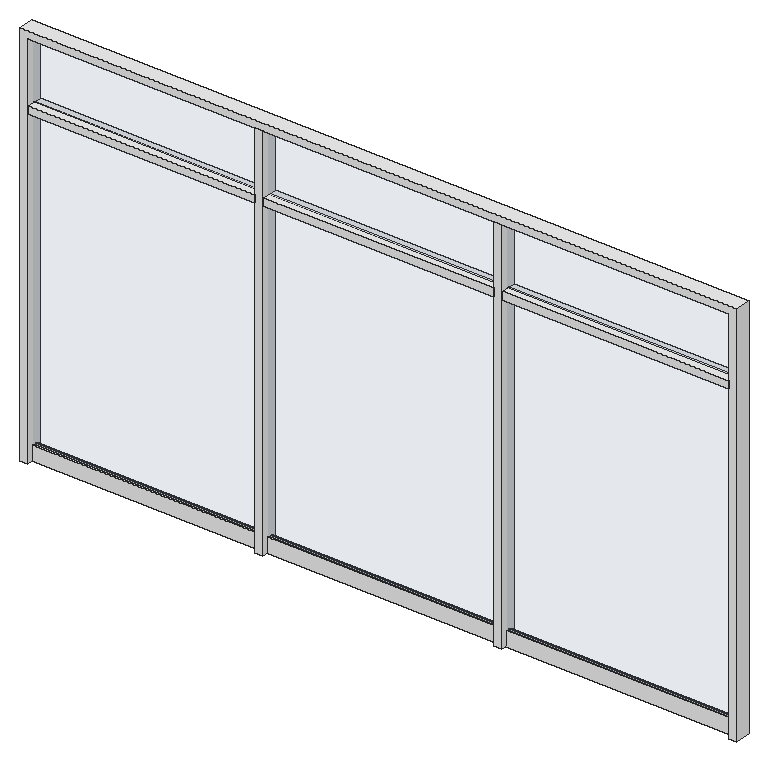
Revit family
Parameters
  프레임 투영 외부. = 25 mm
  프레임 투영 내부. = 25 mm
  프레임 폭 = 75 mm
  Height = 2600 mm
  Wall Closure = (empty or 0)
  Width = 4800 mm
  창 폭 = 1800 mm
  창 두께 = 100 mm
  창 패널 = SSW2 창 패널
  창 높이 = 2100 mm
  창 프레임 = SSW2 창 프레임
Reference planes
  plane 1: y = 0
  plane 2 "왼쪽": x = -3350
  plane 3 "오른쪽": x = 1450
  plane 4: z = 2600
  plane 5 "외부": y = 75
  plane 6 "내부": y = -75
  plane 7: x = -3300
  plane 8: x = 1400
  plane 9: y = 50
  plane 10: y = -50
  plane 11: z = 2550
  plane 12: z = 2100
  plane 13: z = 2150
  plane 14: z = 2000
  plane 15: z = 100
  plane 16: y = 6
  plane 17: y = -6
  plane 18: y = 16
  plane 19: y = -16
  plane 20: x = -950
  plane 21: x = -1015
  plane 22: x = -885
  plane 23: z = 600
  plane 24: z = 1050
  plane 25: x = -1750
  plane 26: x = -150
  plane 27: x = -1775
  plane 28: x = -1725
  plane 29: x = -125
  plane 30: x = -175
Forms (mm)
  Sweep 1, solid, material "SSW2 창 프레임" <- "창 프레임"
    path origin (0, 75, 0) x (1, 0, 0) y (0, 0, 1)
      loop
        line (1450, 0) -> (1450, 2600) -> (-3350, 2600) -> (-3350, 0)
    profile origin (1450, 75, 1300) x (-1, 0, 0) y (0, -1, 0)
      loop
        line (50, 25) -> (50, 125) -> (0, 125) -> (0, 25) -> (50, 25)
  Extrusion 2, solid, material "SSW2 창 패널" <- "창 패널"
    sketch origin (900, 0, 0) x (1, 0, 0) y (0, 1, 0)
      loop
        line (-4200, 6) -> (-4200, -6) -> (-2675, -6) -> (-2675, 6) -> (-4200, 6)
      loop
        line (500, -6) -> (500, 6) -> (-1025, 6) -> (-1025, -6) -> (500, -6)
      loop
        line (-2625, -6) -> (-1075, -6) -> (-1075, 6) -> (-2625, 6) -> (-2625, -6)
    from 0 to 2100
  Extrusion 3, solid, material "SSW2 창 프레임" <- "창 프레임"
    sketch origin (900, 0, 0) x (1, 0, 0) y (0, 1, 0)
      loop
        line (-4200, -16) -> (500, -16) -> (500, -6) -> (-4200, -6) -> (-4200, -16)
      loop
        line (-4200, 6) -> (500, 6) -> (500, 16) -> (-4200, 16) -> (-4200, 6)
    from 0 to 100
  Extrusion 4, solid, material "SSW2 창 패널" <- "창 패널"
    sketch origin (-2581.693, 300, 2100) x (0, 1, 0) y (1, 0, 0)
      loop
        line (-294, -718.307) -> (-294, 806.693) -> (-306, 806.693) -> (-306, -718.307) -> (-294, -718.307)
      loop
        line (-306, 3981.693) -> (-306, 2456.693) -> (-294, 2456.693) -> (-294, 3981.693) -> (-306, 3981.693)
      loop
        line (-306, 856.693) -> (-294, 856.693) -> (-294, 2406.693) -> (-306, 2406.693) -> (-306, 856.693)
    from -50 to -450
  Extrusion 5, solid, material "SSW2 창 프레임" <- "창 프레임"
    sketch origin (-2581.693, 300, 2100) x (0, 1, 0) y (1, 0, 0)
      loop
        line (-250, -718.307) -> (-250, 806.693) -> (-350, 806.693) -> (-350, -718.307) -> (-250, -718.307)
      loop
        line (-350, 3981.693) -> (-350, 2456.693) -> (-250, 2456.693) -> (-250, 3981.693) -> (-350, 3981.693)
      loop
        line (-250, 856.693) -> (-250, 2406.693) -> (-350, 2406.693) -> (-350, 856.693) -> (-250, 856.693)
    from 0 to -50
  Extrusion 6, solid, material "SSW2 창 프레임" <- "창 프레임"
    sketch origin (-2581.693, 300, 2100) x (0, 1, 0) y (1, 0, 0)
      loop
        line (-250, 806.693) -> (-250, 856.693) -> (-350, 856.693) -> (-350, 806.693) -> (-250, 806.693)
      loop
        line (-250, 2406.693) -> (-250, 2456.693) -> (-350, 2456.693) -> (-350, 2406.693) -> (-250, 2406.693)
    from -450 to 2100
Lines and regions (mm)
  Opening 1
    outline origin (-3050, -75, 0) x (1, 0, 0) y (0, 0, 1)
      loop
        line (-300, 0) -> (4500, 0) -> (4500, 2600) -> (-300, 2600) -> (-300, 0)
  symbolic lines, style "Windows"
    curve 1: line (-3300, 0, 2100) -> (-1775, 0, 2100)
    curve 2: line (-1725, 0, 2100) -> (-175, 0, 2100)
    curve 3: line (1400, 0, 2100) -> (-125, 0, 2100)
Text (mm)
  text "외부" at (-2295.016, 1099.543, 0), in view "참조 레벨"
  text "외부" at (0, 1615.38, 3698.081), in view "왼쪽"
  text "외부" at (0, 1036.032, 3874.932), in view "오른쪽"
Dimensions and locks
  plane 2 "왼쪽" to plane 3 "오른쪽" = 4800 mm
  "Width": plane 2 "왼쪽" to plane 3 "오른쪽"
  "Height": plane 4 to host wall
  "창 높이": host wall to plane 12
  host wall to plane 4 = 2600 mm
  locked: plane 5 "외부" to host wall at 0
  locked: plane 6 "내부" to host wall
  locked: plane 2 "왼쪽" to plane 7 at 50
  locked: plane 8 to plane 3 "오른쪽" at 50
  "창 두께": plane 9 to plane 10
  locked: plane 11 to plane 4 at 50
  locked: plane 12 to plane 13 at 50
  locked: plane 14 to plane 12 at 100
  locked: level to plane 15 at 100
  plane 16 to host wall to plane 17 = 6 mm locked, 6 mm locked
  locked: plane 17 to plane 19 at 10
  locked: plane 18 to plane 16 at 10
  plane 21 to plane 20 to plane 22 = 65 mm locked, 65 mm locked
  locked: level to plane 24 at 1050
  equal spacing: plane 2 "왼쪽", plane 20, plane 3 "오른쪽"
  plane 12 to plane 4 = 500 mm
  equal spacing: plane 2 "왼쪽", plane 25, plane 26, plane 3 "오른쪽"
  plane 27 to plane 25 to plane 28 = 25 mm locked, 25 mm locked
  plane 30 to plane 26 to plane 29 = 25 mm locked, 25 mm locked
  equal spacing: plane 9, plane 1, plane 10
  aligned and locked: plane 2 "왼쪽" to Opening 1 sketch curve
  aligned and locked: plane 4 to Opening 1 sketch curve
  aligned and locked: Opening 1 sketch curve to plane 4
  aligned and locked: Opening 1 sketch curve to plane 3 "오른쪽"
  aligned and locked: Opening 1 sketch curve to level
  aligned and locked: host wall to plane 1
  aligned and locked: Sweep 1 sketch curve to plane 2 "왼쪽"
  aligned and locked: plane 4 to Sweep 1 sketch curve
  aligned and locked: plane 3 "오른쪽" to Sweep 1 sketch curve
  aligned and locked: plane 8 to Sweep 1 sketch curve
  aligned and locked: host wall to Sweep 1 sketch curve
  aligned and locked: Sweep 1 sketch curve to plane 9
  aligned and locked: plane 10 to Sweep 1 sketch curve
  aligned and locked: plane 11 to Sweep 1
  aligned and locked: Extrusion 2 sketch curve to plane 16
  aligned and locked: plane 17 to Extrusion 2 sketch curve
  aligned and locked: Extrusion 2 to plane 12
  aligned and locked: Extrusion 3 sketch curve to plane 19
  aligned and locked: Extrusion 2 to Extrusion 3 sketch curve
  aligned and locked: Extrusion 3 sketch curve to Extrusion 2  (x2)
  aligned and locked: plane 18 to Extrusion 3 sketch curve
  aligned and locked: plane 15 to Extrusion 3
  aligned and locked: Extrusion 4 sketch curve to Extrusion 2
  aligned and locked: Extrusion 4 to Sweep 1
  aligned and locked: plane 13 to Extrusion 4
  aligned and locked: Extrusion 5 to plane 13
  aligned and locked: plane 7 to Extrusion 3 sketch curve  (x2)
  aligned and locked: plane 8 to Extrusion 4 sketch curve
  aligned and locked: Extrusion 4 sketch curve to plane 7
  aligned and locked: Extrusion 5 sketch curve to plane 7
  aligned and locked: plane 8 to Extrusion 5 sketch curve
  aligned and locked: Extrusion 2 sketch curve to plane 7
  aligned and locked: plane 8 to Extrusion 2 sketch curve
  aligned and locked: Extrusion 3 sketch curve to plane 8
  aligned and locked: plane 27 to Extrusion 6 sketch curve
  aligned and locked: plane 9 to Extrusion 6 sketch curve  (x2)
  aligned and locked: plane 10 to Extrusion 6 sketch curve  (x2)
  aligned and locked: Extrusion 6 sketch curve to plane 28
  aligned and locked: plane 30 to Extrusion 6 sketch curve
  aligned and locked: Extrusion 6 sketch curve to plane 29
  aligned and locked: Extrusion 6 to level
  aligned and locked: Extrusion 6 to Sweep 1
  aligned and locked: plane 27 to Extrusion 4 sketch curve
  aligned and locked: plane 28 to Extrusion 4 sketch curve
  aligned and locked: Extrusion 2 sketch curve to plane 27
  aligned and locked: Extrusion 2 sketch curve to plane 28
  aligned and locked: host wall to curve 1
  aligned and locked: host wall to curve 2
  aligned and locked: host wall to curve 3
Automatic sketch dimensions
  Sweep 1 sketch curve to level = 0 mm  (x2)
  Extrusion 3 sketch curve to plane 8 = 0 mm
  Extrusion 5 sketch curve to plane 9 = 0 mm  (x3)
  Extrusion 5 sketch curve to plane 30 = 0 mm
  Extrusion 5 sketch curve to plane 28 = 0 mm
  Extrusion 5 sketch curve to plane 27 = 0 mm
  Extrusion 5 sketch curve to plane 10 = 0 mm  (x3)
  Extrusion 5 sketch curve to plane 29 = 0 mm
  Extrusion 4 sketch curve to plane 17 = 0 mm  (x3)
  Extrusion 4 sketch curve to plane 29 = 0 mm
  Extrusion 4 sketch curve to plane 30 = 0 mm
  Extrusion 4 sketch curve to plane 16 = 0 mm  (x2)
  Extrusion 2 sketch curve to plane 30 = 0 mm
  Extrusion 2 sketch curve to plane 29 = 0 mm
  Extrusion 2 sketch curve to plane 17 = 0 mm  (x2)
  Extrusion 2 sketch curve to plane 16 = 0 mm  (x2)
  curve 3 to plane 8 = 0 mm
  curve 3 to plane 29 = 0 mm
  curve 2 to plane 30 = 0 mm
  curve 2 to plane 28 = 0 mm
  curve 1 to plane 27 = 0 mm
  curve 1 to plane 7 = 0 mm
